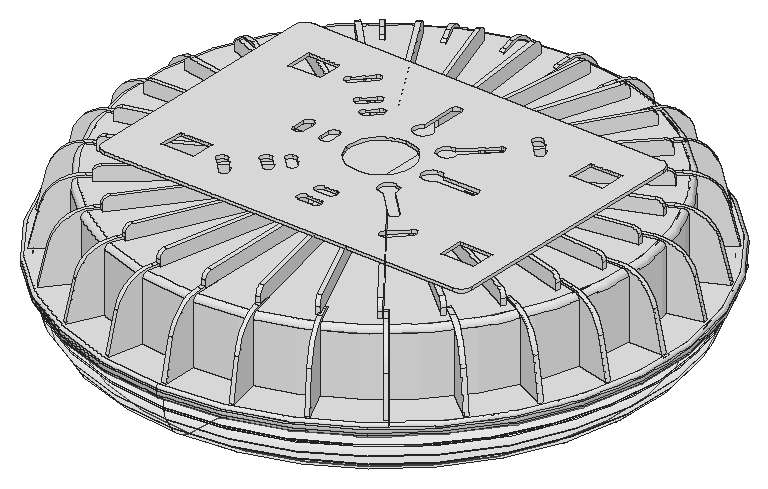
Revit family "LRC-2G", category Lighting Fixtures, Revit 2018
Family settings
  Round Connector Dimension = Use Diameter
  Part Type = Normal
  OmniClass Number = 23.80.70.00
  OmniClass Title = Lighting
  Work Plane-Based = No
  Always vertical = Yes
  Cut with Voids When Loaded = No
  Light Source = Yes
  Shared = No
  Room Calculation Point = No
Parameters (values of type "LRC-2G 30LED")
  voltage = 277 V
  mounting [instance] = mount height - 62 mm  # 1438 mm
  mount height = 1500 mm
  frosted lens = frosted lens
  cast profile = cast profile
  Wattage = 30 W
  built-in parameter 1150110 = 1 (stored number, unit not read)
  built-in parameter 1114217 = 1 (stored number, unit not read)
  Tilt Angle = 90.00°
  built-in parameter 1150109 = 1 (stored number, unit not read)
  built-in parameter 1150134 = 12
  built-in parameter 1150113 = 1 (stored number, unit not read)
  built-in parameter 1010507 = 1.5708 (stored number, unit not read)
  built-in parameter 1010506 = 0.5236 (stored number, unit not read)
  Lumens = 3600 lm
  built-in parameter 1150115 = 1 (stored number, unit not read)
  built-in parameter 1150105 = 12036.8 (stored number, unit not read)
  Light Source Symbol Length = 609 mm
  built-in parameter 1150137 = (empty or 0)
  built-in parameter 1150139 = (empty or 0)
  built-in parameter 1150112 = 1 (stored number, unit not read)
  built-in parameter 1150114 = 1 (stored number, unit not read)
  built-in parameter 1150132 = (empty or 0)
  built-in parameter 1150102 = (empty or 0)
  built-in parameter 1150138 = (empty or 0)
  built-in parameter 1150107 = 4000 (stored number, unit not read)
  built-in parameter 1150106 = 120.37 (stored number, unit not read)
  built-in parameter 1150104 = 11.148 (stored number, unit not read)
  Dimming Lamp Color Temperature Shift = <None>
  Color Filter = 16777215
  built-in parameter 1114218 = 1 (stored number, unit not read)
  built-in parameter 1150133 = 10 (stored number, unit not read)
  Apparent Load = 30 VA
Types (4, lengths in mm): name | Wattage | built-in parameter 1150134 | Lumens | built-in parameter 1150105 | Light Source Symbol Length | built-in parameter 1150107 | built-in parameter 1150106 | built-in parameter 1150104 | Apparent Load
  (no name) | 30 W | 12 | 3600 lm | 12036.8 (stored number, unit not read) | 609 | 4000 (stored number, unit not read) | 120.37 (stored number, unit not read) | 11.148 (stored number, unit not read) | 30 VA
  LRC-2G 30LED | 30 W | 12 | 3600 lm | 12036.8 (stored number, unit not read) | 609 | 4000 (stored number, unit not read) | 120.37 (stored number, unit not read) | 11.148 (stored number, unit not read) | 30 VA
  LRC-2G 45LED | 45 W | 2 | 4995 lm | 16701.1 (stored number, unit not read) | 3048 | 5000 (stored number, unit not read) | 167.01 (stored number, unit not read) | 10.312 (stored number, unit not read) | 45 VA
  LRC-2G 60LED | 60 W | 5 | 7080 lm | 23672.5 (stored number, unit not read) | 3048 | 6000 (stored number, unit not read) | 236.72 (stored number, unit not read) | 10.963 (stored number, unit not read) | 60 VA
Reference planes
  plane 1 "Tilt Plane": y = 0
  plane 2: z = 0
  plane 3 "Light Source Axis (L/R)": x = 0
  plane 4 "Light Source Elevation": z = 1438
Text (mm)
  text "0 Tilt Angle" at (809.978, -4572, 1586.413), in view "Front"
  text "270" at (-331.585, -4572, 2488.248), in view "Front"
  text "180" at (-1130.68, -4572, 1586.413), in view "Front"
  text "90" at (-320.169, -4572, 456.265), in view "Front"
  text "0 Tilt Angle" at (1952.354, 4572, 1542.98), in view "Back"
  text "180" at (-876.627, 4572, 1524.796), in view "Back"
  text "270" at (367.014, 4572, 2698.908), in view "Back"
  text "90" at (304.215, 4572, 666.926), in view "Back"
Dimensions and locks
  "mounting": plane 4 "Light Source Elevation" to plane 2
  locked: nested 1 to plane 4 "Light Source Elevation" at 62.093
  aligned and locked: plane 1 "Tilt Plane" to imposter light
  aligned and locked: plane 4 "Light Source Elevation" to imposter light
  aligned and locked: plane 2 to level
Nested families
  nested 1: "LRC11" at (0, 0, 1192.83) x (0, 1, 0) z (0, 0, 1), type "LRC11"
Connectors
  electrical at (-0.54, 0.027, 1500.093), driven by "Apparent Load", driven by "voltage"
    settings: on nested 1, index 1, voltage 277 V, apparent load 0 VA, apparent load phase1 30 VA, apparent load phase2 0 VA, apparent load phase3 0 VA, power factor 1, load classification "Other", number of poles 1, system type 31, power factor state 1, is connector primary yes, connector utility no, sub classification motor no, connector description ""
Definition of nested family "LRC11"
  Parameters (values of type "LRC11")
    frosted lens = none
    cast profile = none
  Reference planes
    plane 1 "Center (Front/Back)": y = 0
    plane 2: z = 0
    plane 3 "Center (Left/Right)": x = 0
  Forms (mm)
    Extrusion 1, solid, material <- "cast profile"
      sketch origin (0, 0, 0) x (1, 0, 0) y (0, 1, 0)
        loop
          arc (-58.819, 90.853) -> (-62.354, 89.388) -> (-63.819, 85.853) r 5
          line (-63.819, 85.853) -> (-63.819, -84.772)
          arc (-63.819, -84.772) -> (-62.354, -88.308) -> (-58.819, -89.772) r 5
          line (-58.819, -89.772) -> (58.873, -89.772)
          arc (58.873, -89.772) -> (62.409, -88.308) -> (63.873, -84.772) r 5
          line (63.873, -84.772) -> (63.873, 85.853)
          arc (63.873, 85.853) -> (62.409, 89.388) -> (58.873, 90.853) r 5
          line (58.873, 90.853) -> (-58.819, 90.853)
        loop
          circle (-0.564, 1.136) r 15
        loop
          line (32.565, 73.104) -> (32.565, 57.309) -> (45.144, 57.309) -> (45.144, 73.104) -> (32.565, 73.104)
        loop
          line (-34.008, 72.635) -> (-45.795, 72.635) -> (-45.795, 56.596) -> (-34.008, 56.596) -> (-34.008, 72.635)
        loop
          arc (-19.403, -21.349) -> (-15.272, -13.683) -> (-22.938, -17.813) r 4.545
          line (-22.938, -17.813) -> (-35.009, -29.884)
          arc (-35.009, -29.884) -> (-34.493, -32.904) -> (-31.474, -33.42) r 2.651
          line (-31.474, -33.42) -> (-19.403, -21.349)
        loop
          arc (1.936, -27.67) -> (-0.564, -19.329) -> (-3.064, -27.67) r 4.545
          line (-3.064, -27.67) -> (-3.064, -44.741)
          arc (-3.064, -44.741) -> (-0.564, -46.511) -> (1.936, -44.741) r 2.651
          line (1.936, -44.741) -> (1.936, -27.67)
        loop
          line (18.275, -21.349) -> (30.346, -33.42)
          arc (30.346, -33.42) -> (33.365, -32.904) -> (33.882, -29.884) r 2.651
          line (33.882, -29.884) -> (21.811, -17.813)
          arc (21.811, -17.813) -> (14.144, -13.683) -> (18.275, -21.349) r 4.545
        loop
          line (44.409, -36.632) -> (36.943, -43.594)
          arc (36.943, -43.594) -> (37.003, -47.069) -> (40.478, -47.13) r 2.502
          line (40.478, -47.13) -> (47.944, -40.167)
          arc (47.944, -40.167) -> (47.884, -36.692) -> (44.409, -36.632) r 2.502
        loop
          arc (-45.536, -36.632) -> (-49.011, -36.692) -> (-49.072, -40.167) r 2.502
          line (-49.072, -40.167) -> (-41.606, -47.13)
          arc (-41.606, -47.13) -> (-38.131, -47.069) -> (-38.07, -43.594) r 2.502
          line (-38.07, -43.594) -> (-45.536, -36.632)
        loop
          arc (44.409, 38.904) -> (47.884, 38.964) -> (47.944, 42.439) r 2.502
          line (47.944, 42.439) -> (40.478, 49.402)
          arc (40.478, 49.402) -> (37.003, 49.341) -> (36.943, 45.866) r 2.502
          line (36.943, 45.866) -> (44.409, 38.904)
        loop
          line (-45.536, 38.904) -> (-38.07, 45.866)
          arc (-38.07, 45.866) -> (-38.131, 49.341) -> (-41.606, 49.402) r 2.502
          line (-41.606, 49.402) -> (-49.072, 42.439)
          arc (-49.072, 42.439) -> (-49.011, 38.964) -> (-45.536, 38.904) r 2.502
        loop
          line (-32.373, 27.904) -> (-27.145, 32.78)
          arc (-27.145, 32.78) -> (-27.482, 36.192) -> (-30.894, 36.529) r 2.704
          line (-30.894, 36.529) -> (-35.821, 31.602)
          arc (-35.821, 31.602) -> (-35.946, 28.029) -> (-32.373, 27.904) r 2.528
        loop
          line (-25.535, 21.316) -> (-21.649, 25.202)
          arc (-21.649, 25.202) -> (-21.649, 28.775) -> (-25.222, 28.775) r 2.527
          line (-25.222, 28.775) -> (-29.108, 24.889)
          arc (-29.108, 24.889) -> (-29.108, 21.316) -> (-25.535, 21.316) r 2.527
        loop
          arc (31.245, 27.904) -> (34.818, 28.029) -> (34.694, 31.602) r 2.528
          line (34.694, 31.602) -> (29.767, 36.529)
          arc (29.767, 36.529) -> (26.354, 36.192) -> (26.017, 32.78) r 2.704
          line (26.017, 32.78) -> (31.245, 27.904)
        loop
          arc (24.407, 21.316) -> (27.981, 21.316) -> (27.981, 24.889) r 2.527
          line (27.981, 24.889) -> (24.094, 28.775)
          arc (24.094, 28.775) -> (20.521, 28.775) -> (20.521, 25.202) r 2.527
          line (20.521, 25.202) -> (24.407, 21.316)
        loop
          arc (-3.451, 41.616) -> (-6.178, 38.89) -> (-3.451, 36.164) r 2.726
          line (-3.451, 36.164) -> (2.186, 36.164)
          arc (2.186, 36.164) -> (4.912, 38.89) -> (2.186, 41.616) r 2.726
          line (2.186, 41.616) -> (-3.451, 41.616)
        loop
          arc (-2.826, 28.932) -> (-5.553, 26.205) -> (-2.826, 23.479) r 2.726
          line (-2.826, 23.479) -> (1.718, 23.479)
          arc (1.718, 23.479) -> (4.444, 26.205) -> (1.718, 28.932) r 2.726
          line (1.718, 28.932) -> (-2.826, 28.932)
        loop
          line (32.565, -80.832) -> (45.144, -80.832) -> (45.144, -65.037) -> (32.565, -65.037) -> (32.565, -80.832)
        loop
          line (-34.008, -80.363) -> (-34.008, -64.324) -> (-45.795, -64.324) -> (-45.795, -80.363) -> (-34.008, -80.363)
        loop
          line (28.838, -1.554) -> (45.909, -1.577)
          arc (45.909, -1.577) -> (47.682, 0.921) -> (45.915, 3.423) r 2.651
          line (45.915, 3.423) -> (28.844, 3.446)
          arc (28.844, 3.446) -> (20.5, 0.957) -> (28.838, -1.554) r 4.545
        loop
          line (-41.969, -2.445) -> (-41.72, 4.699)
          arc (-41.72, 4.699) -> (-44.371, 6.874) -> (-47.023, 4.699) r 2.704
          line (-47.023, 4.699) -> (-47.023, -2.269)
          arc (-47.023, -2.269) -> (-44.584, -4.883) -> (-41.969, -2.445) r 2.528
        loop
          line (-32.475, -2.269) -> (-32.475, 3.227)
          arc (-32.475, 3.227) -> (-35.002, 5.754) -> (-37.529, 3.227) r 2.527
          line (-37.529, 3.227) -> (-37.529, -2.269)
          arc (-37.529, -2.269) -> (-35.002, -4.795) -> (-32.475, -2.269) r 2.527
      from 305.899 to 307.263
    Revolve 2, solid, material <- "cast profile"
      sketch origin (0, 0, 0) x (1, 0, 0) y (0, 0, 1)
        loop
          line (-120.006, 267.99) -> (-138.077, 267.99)
          arc (-138.077, 267.99) -> (-139.083, 267.573) -> (-139.5, 266.567) r 1.423
          line (-139.5, 266.567) -> (-139.5, 265.642)
          arc (-139.5, 265.642) -> (-139.396, 264.696) -> (-139.091, 263.796) r 4.368
          line (-139.091, 263.796) -> (-138.376, 262.264)
          arc (-138.376, 262.264) -> (-138.107, 261.957) -> (-137.715, 261.842) r 0.729
          line (-137.715, 261.842) -> (-135.006, 261.842) -> (-135.006, 264.697) -> (0, 264.697) -> (0, 299.399) -> (-117.317, 299.399)
          arc (-117.317, 299.399) -> (-119.218, 298.611) -> (-120.006, 296.71) r 2.689
          line (-120.006, 296.71) -> (-120.006, 267.99)
        axis (0, 261.842) -> (0, 299.399)
      angle from 0 to 360
    Revolve 3, solid, material <- "frosted lens"
      sketch origin (0, 0, 0) x (1, 0, 0) y (0, 0, 1)
        loop
          line (-134.796, 264.171) -> (-134.796, 256.199) -> (-134.796, 255.33)
          arc (-134.796, 255.33) -> (-134.432, 252.658) -> (-133.368, 250.18) r 10
          line (-133.368, 250.18) -> (-130.464, 245.348)
          arc (-130.464, 245.348) -> (-125.74, 240.447) -> (-119.35, 238.102) r 15.188
          arc (-119.35, 238.102) -> (-59.792, 232.638) -> (0, 231.263) r 873.267
          line (0, 231.263) -> (0, 264.171) -> (-134.796, 264.171)
        axis (0, 231.263) -> (0, 264.171)
      angle from 0 to 360
    Extrusion 4, solid, material <- "cast profile"
      sketch origin (0, 0, 0) x (1, 0, 0) y (0, 0, 1)
        loop
          line (-136.607, 265.927) -> (-103.064, 265.927) -> (-103.064, 294.961)
          arc (-103.064, 294.961) -> (-104.477, 298.444) -> (-107.917, 299.959) r 5
          line (-107.917, 299.959) -> (-114.05, 300.139)
          arc (-114.05, 300.139) -> (-125.429, 296.444) -> (-131.887, 286.373) r 17.771
          line (-131.887, 286.373) -> (-136.607, 265.927)
      from 0 to 1.993
    Extrusion 5, solid, material <- "cast profile"
      sketch origin (0, 0, 0) x (0.974847, 0.222876, 0) y (0, 0, 1)
        loop
          line (-136.607, 265.927) -> (-103.064, 265.927) -> (-103.064, 294.961)
          arc (-103.064, 294.961) -> (-104.477, 298.444) -> (-107.917, 299.959) r 5
          line (-107.917, 299.959) -> (-114.05, 300.139)
          arc (-114.05, 300.139) -> (-125.429, 296.444) -> (-131.887, 286.373) r 17.771
          line (-131.887, 286.373) -> (-136.607, 265.927)
      from 0 to 1.993
    Extrusion 6, solid, material <- "cast profile"
      sketch origin (0, 0, 0) x (0.974931, -0.222508, 0) y (0, 0, 1)
        loop
          line (-136.607, 265.927) -> (-103.064, 265.927) -> (-103.064, 294.961)
          arc (-103.064, 294.961) -> (-104.477, 298.444) -> (-107.917, 299.959) r 5
          line (-107.917, 299.959) -> (-114.05, 300.139)
          arc (-114.05, 300.139) -> (-125.429, 296.444) -> (-131.887, 286.373) r 17.771
          line (-131.887, 286.373) -> (-136.607, 265.927)
      from 0 to 1.993
    Extrusion 7, solid, material <- "cast profile"
      sketch origin (0, 0, 0) x (0.900981, -0.433859, 0) y (0, 0, 1)
        loop
          line (-136.607, 265.927) -> (-103.064, 265.927) -> (-103.064, 294.961)
          arc (-103.064, 294.961) -> (-104.477, 298.444) -> (-107.917, 299.959) r 5
          line (-107.917, 299.959) -> (-114.05, 300.139)
          arc (-114.05, 300.139) -> (-125.429, 296.444) -> (-131.887, 286.373) r 17.771
          line (-131.887, 286.373) -> (-136.607, 265.927)
      from 0 to 1.993
    Extrusion 8, solid, material <- "cast profile"
      sketch origin (0, 0, 0) x (0.781857, -0.623458, 0) y (0, 0, 1)
        loop
          line (-136.607, 265.927) -> (-103.064, 265.927) -> (-103.064, 294.961)
          arc (-103.064, 294.961) -> (-104.477, 298.444) -> (-107.917, 299.959) r 5
          line (-107.917, 299.959) -> (-114.05, 300.139)
          arc (-114.05, 300.139) -> (-125.429, 296.444) -> (-131.887, 286.373) r 17.771
          line (-131.887, 286.373) -> (-136.607, 265.927)
      from 0 to 1.993
    Extrusion 9, solid, material <- "cast profile"
      sketch origin (0, 0, 0) x (0.623532, -0.781798, 0) y (0, 0, 1)
        loop
          line (-136.607, 265.927) -> (-103.064, 265.927) -> (-103.064, 294.961)
          arc (-103.064, 294.961) -> (-104.477, 298.444) -> (-107.917, 299.959) r 5
          line (-107.917, 299.959) -> (-114.05, 300.139)
          arc (-114.05, 300.139) -> (-125.429, 296.444) -> (-131.887, 286.373) r 17.771
          line (-131.887, 286.373) -> (-136.607, 265.927)
      from 0 to 1.993
    Extrusion 10, solid, material <- "cast profile"
      sketch origin (0, 0, 0) x (0.433944, -0.90094, 0) y (0, 0, 1)
        loop
          line (-136.607, 265.927) -> (-103.064, 265.927) -> (-103.064, 294.961)
          arc (-103.064, 294.961) -> (-104.477, 298.444) -> (-107.917, 299.959) r 5
          line (-107.917, 299.959) -> (-114.05, 300.139)
          arc (-114.05, 300.139) -> (-125.429, 296.444) -> (-131.887, 286.373) r 17.771
          line (-131.887, 286.373) -> (-136.607, 265.927)
      from 0 to 1.993
    Extrusion 11, solid, material <- "cast profile"
      sketch origin (0, 0, 0) x (0.2226, -0.97491, 0) y (0, 0, 1)
        loop
          line (-136.607, 265.927) -> (-103.064, 265.927) -> (-103.064, 294.961)
          arc (-103.064, 294.961) -> (-104.477, 298.444) -> (-107.917, 299.959) r 5
          line (-107.917, 299.959) -> (-114.05, 300.139)
          arc (-114.05, 300.139) -> (-125.429, 296.444) -> (-131.887, 286.373) r 17.771
          line (-131.887, 286.373) -> (-136.607, 265.927)
      from 0 to 1.993
    Extrusion 12, solid, material <- "cast profile"
      sketch origin (0, 0, 0) x (0.000094, -1, 0) y (0, 0, 1)
        loop
          line (-136.607, 265.927) -> (-103.064, 265.927) -> (-103.064, 294.961)
          arc (-103.064, 294.961) -> (-104.477, 298.444) -> (-107.917, 299.959) r 5
          line (-107.917, 299.959) -> (-114.05, 300.139)
          arc (-114.05, 300.139) -> (-125.429, 296.444) -> (-131.887, 286.373) r 17.771
          line (-131.887, 286.373) -> (-136.607, 265.927)
      from 0 to 1.993
    Extrusion 13, solid, material <- "cast profile"
      sketch origin (0, 0, 0) x (-0.222416, -0.974952, 0) y (0, 0, 1)
        loop
          line (-136.607, 265.927) -> (-103.064, 265.927) -> (-103.064, 294.961)
          arc (-103.064, 294.961) -> (-104.477, 298.444) -> (-107.917, 299.959) r 5
          line (-107.917, 299.959) -> (-114.05, 300.139)
          arc (-114.05, 300.139) -> (-125.429, 296.444) -> (-131.887, 286.373) r 17.771
          line (-131.887, 286.373) -> (-136.607, 265.927)
      from 0 to 1.993
    Extrusion 14, solid, material <- "cast profile"
      sketch origin (0, 0, 0) x (-0.433774, -0.901022, 0) y (0, 0, 1)
        loop
          line (-136.607, 265.927) -> (-103.064, 265.927) -> (-103.064, 294.961)
          arc (-103.064, 294.961) -> (-104.477, 298.444) -> (-107.917, 299.959) r 5
          line (-107.917, 299.959) -> (-114.05, 300.139)
          arc (-114.05, 300.139) -> (-125.429, 296.444) -> (-131.887, 286.373) r 17.771
          line (-131.887, 286.373) -> (-136.607, 265.927)
      from 0 to 1.993
    Extrusion 15, solid, material <- "cast profile"
      sketch origin (0, 0, 0) x (-0.623384, -0.781916, 0) y (0, 0, 1)
        loop
          line (-136.607, 265.927) -> (-103.064, 265.927) -> (-103.064, 294.961)
          arc (-103.064, 294.961) -> (-104.477, 298.444) -> (-107.917, 299.959) r 5
          line (-107.917, 299.959) -> (-114.05, 300.139)
          arc (-114.05, 300.139) -> (-125.429, 296.444) -> (-131.887, 286.373) r 17.771
          line (-131.887, 286.373) -> (-136.607, 265.927)
      from 0 to 1.993
    Extrusion 16, solid, material <- "cast profile"
      sketch origin (0, 0, 0) x (-0.781739, -0.623606, 0) y (0, 0, 1)
        loop
          line (-136.607, 265.927) -> (-103.064, 265.927) -> (-103.064, 294.961)
          arc (-103.064, 294.961) -> (-104.477, 298.444) -> (-107.917, 299.959) r 5
          line (-107.917, 299.959) -> (-114.05, 300.139)
          arc (-114.05, 300.139) -> (-125.429, 296.444) -> (-131.887, 286.373) r 17.771
          line (-131.887, 286.373) -> (-136.607, 265.927)
      from 0 to 1.993
    Extrusion 17, solid, material <- "cast profile"
      sketch origin (0, 0, 0) x (-0.900899, -0.43403, 0) y (0, 0, 1)
        loop
          line (-136.607, 265.927) -> (-103.064, 265.927) -> (-103.064, 294.961)
          arc (-103.064, 294.961) -> (-104.477, 298.444) -> (-107.917, 299.959) r 5
          line (-107.917, 299.959) -> (-114.05, 300.139)
          arc (-114.05, 300.139) -> (-125.429, 296.444) -> (-131.887, 286.373) r 17.771
          line (-131.887, 286.373) -> (-136.607, 265.927)
      from 0 to 1.993
    Extrusion 18, solid, material <- "cast profile"
      sketch origin (0, 0, 0) x (-0.974889, -0.222692, 0) y (0, 0, 1)
        loop
          line (-136.607, 265.927) -> (-103.064, 265.927) -> (-103.064, 294.961)
          arc (-103.064, 294.961) -> (-104.477, 298.444) -> (-107.917, 299.959) r 5
          line (-107.917, 299.959) -> (-114.05, 300.139)
          arc (-114.05, 300.139) -> (-125.429, 296.444) -> (-131.887, 286.373) r 17.771
          line (-131.887, 286.373) -> (-136.607, 265.927)
      from 0 to 1.993
    Extrusion 19, solid, material <- "cast profile"
      sketch origin (0, 0, 0) x (-1, -0.000189, 0) y (0, 0, 1)
        loop
          line (-136.607, 265.927) -> (-103.064, 265.927) -> (-103.064, 294.961)
          arc (-103.064, 294.961) -> (-104.477, 298.444) -> (-107.917, 299.959) r 5
          line (-107.917, 299.959) -> (-114.05, 300.139)
          arc (-114.05, 300.139) -> (-125.429, 296.444) -> (-131.887, 286.373) r 17.771
          line (-131.887, 286.373) -> (-136.607, 265.927)
      from 0 to 1.993
    Extrusion 20, solid, material <- "cast profile"
      sketch origin (0, 0, 0) x (-0.974973, 0.222324, 0) y (0, 0, 1)
        loop
          line (-136.607, 265.927) -> (-103.064, 265.927) -> (-103.064, 294.961)
          arc (-103.064, 294.961) -> (-104.477, 298.444) -> (-107.917, 299.959) r 5
          line (-107.917, 299.959) -> (-114.05, 300.139)
          arc (-114.05, 300.139) -> (-125.429, 296.444) -> (-131.887, 286.373) r 17.771
          line (-131.887, 286.373) -> (-136.607, 265.927)
      from 0 to 1.993
    Extrusion 21, solid, material <- "cast profile"
      sketch origin (0, 0, 0) x (-0.901062, 0.433689, 0) y (0, 0, 1)
        loop
          line (-136.607, 265.927) -> (-103.064, 265.927) -> (-103.064, 294.961)
          arc (-103.064, 294.961) -> (-104.477, 298.444) -> (-107.917, 299.959) r 5
          line (-107.917, 299.959) -> (-114.05, 300.139)
          arc (-114.05, 300.139) -> (-125.429, 296.444) -> (-131.887, 286.373) r 17.771
          line (-131.887, 286.373) -> (-136.607, 265.927)
      from 0 to 1.993
    Extrusion 22, solid, material <- "cast profile"
      sketch origin (0, 0, 0) x (-0.781974, 0.623311, 0) y (0, 0, 1)
        loop
          line (-136.607, 265.927) -> (-103.064, 265.927) -> (-103.064, 294.961)
          arc (-103.064, 294.961) -> (-104.477, 298.444) -> (-107.917, 299.959) r 5
          line (-107.917, 299.959) -> (-114.05, 300.139)
          arc (-114.05, 300.139) -> (-125.429, 296.444) -> (-131.887, 286.373) r 17.771
          line (-131.887, 286.373) -> (-136.607, 265.927)
      from 0 to 1.993
    Extrusion 23, solid, material <- "cast profile"
      sketch origin (0, 0, 0) x (-0.62368, 0.78168, 0) y (0, 0, 1)
        loop
          line (-136.607, 265.927) -> (-103.064, 265.927) -> (-103.064, 294.961)
          arc (-103.064, 294.961) -> (-104.477, 298.444) -> (-107.917, 299.959) r 5
          line (-107.917, 299.959) -> (-114.05, 300.139)
          arc (-114.05, 300.139) -> (-125.429, 296.444) -> (-131.887, 286.373) r 17.771
          line (-131.887, 286.373) -> (-136.607, 265.927)
      from 0 to 1.993
    Extrusion 24, solid, material <- "cast profile"
      sketch origin (0, 0, 0) x (-0.434115, 0.900858, 0) y (0, 0, 1)
        loop
          line (-136.607, 265.927) -> (-103.064, 265.927) -> (-103.064, 294.961)
          arc (-103.064, 294.961) -> (-104.477, 298.444) -> (-107.917, 299.959) r 5
          line (-107.917, 299.959) -> (-114.05, 300.139)
          arc (-114.05, 300.139) -> (-125.429, 296.444) -> (-131.887, 286.373) r 17.771
          line (-131.887, 286.373) -> (-136.607, 265.927)
      from 0 to 1.993
    Extrusion 25, solid, material <- "cast profile"
      sketch origin (0, 0, 0) x (-0.222784, 0.974868, 0) y (0, 0, 1)
        loop
          line (-136.607, 265.927) -> (-103.064, 265.927) -> (-103.064, 294.961)
          arc (-103.064, 294.961) -> (-104.477, 298.444) -> (-107.917, 299.959) r 5
          line (-107.917, 299.959) -> (-114.05, 300.139)
          arc (-114.05, 300.139) -> (-125.429, 296.444) -> (-131.887, 286.373) r 17.771
          line (-131.887, 286.373) -> (-136.607, 265.927)
      from 0 to 1.993
    Extrusion 26, solid, material <- "cast profile"
      sketch origin (0, 0, 0) x (-0.000283, 1, 0) y (0, 0, 1)
        loop
          line (-136.607, 265.927) -> (-103.064, 265.927) -> (-103.064, 294.961)
          arc (-103.064, 294.961) -> (-104.477, 298.444) -> (-107.917, 299.959) r 5
          line (-107.917, 299.959) -> (-114.05, 300.139)
          arc (-114.05, 300.139) -> (-125.429, 296.444) -> (-131.887, 286.373) r 17.771
          line (-131.887, 286.373) -> (-136.607, 265.927)
      from 0 to 1.993
    Extrusion 27, solid, material <- "cast profile"
      sketch origin (0, 0, 0) x (0.222232, 0.974994, 0) y (0, 0, 1)
        loop
          line (-136.607, 265.927) -> (-103.064, 265.927) -> (-103.064, 294.961)
          arc (-103.064, 294.961) -> (-104.477, 298.444) -> (-107.917, 299.959) r 5
          line (-107.917, 299.959) -> (-114.05, 300.139)
          arc (-114.05, 300.139) -> (-125.429, 296.444) -> (-131.887, 286.373) r 17.771
          line (-131.887, 286.373) -> (-136.607, 265.927)
      from 0 to 1.993
    Extrusion 28, solid, material <- "cast profile"
      sketch origin (0, 0, 0) x (0.433604, 0.901103, 0) y (0, 0, 1)
        loop
          line (-136.607, 265.927) -> (-103.064, 265.927) -> (-103.064, 294.961)
          arc (-103.064, 294.961) -> (-104.477, 298.444) -> (-107.917, 299.959) r 5
          line (-107.917, 299.959) -> (-114.05, 300.139)
          arc (-114.05, 300.139) -> (-125.429, 296.444) -> (-131.887, 286.373) r 17.771
          line (-131.887, 286.373) -> (-136.607, 265.927)
      from 0 to 1.993
    Extrusion 29, solid, material <- "cast profile"
      sketch origin (0, 0, 0) x (0.623237, 0.782033, 0) y (0, 0, 1)
        loop
          line (-136.607, 265.927) -> (-103.064, 265.927) -> (-103.064, 294.961)
          arc (-103.064, 294.961) -> (-104.477, 298.444) -> (-107.917, 299.959) r 5
          line (-107.917, 299.959) -> (-114.05, 300.139)
          arc (-114.05, 300.139) -> (-125.429, 296.444) -> (-131.887, 286.373) r 17.771
          line (-131.887, 286.373) -> (-136.607, 265.927)
      from 0 to 1.993
    Extrusion 30, solid, material <- "cast profile"
      sketch origin (0, 0, 0) x (0.781621, 0.623753, 0) y (0, 0, 1)
        loop
          line (-136.607, 265.927) -> (-103.064, 265.927) -> (-103.064, 294.961)
          arc (-103.064, 294.961) -> (-104.477, 298.444) -> (-107.917, 299.959) r 5
          line (-107.917, 299.959) -> (-114.05, 300.139)
          arc (-114.05, 300.139) -> (-125.429, 296.444) -> (-131.887, 286.373) r 17.771
          line (-131.887, 286.373) -> (-136.607, 265.927)
      from 0 to 1.993
    Extrusion 31, solid, material <- "cast profile"
      sketch origin (0, 0, 0) x (0.900817, 0.4342, 0) y (0, 0, 1)
        loop
          line (-136.607, 265.927) -> (-103.064, 265.927) -> (-103.064, 294.961)
          arc (-103.064, 294.961) -> (-104.477, 298.444) -> (-107.917, 299.959) r 5
          line (-107.917, 299.959) -> (-114.05, 300.139)
          arc (-114.05, 300.139) -> (-125.429, 296.444) -> (-131.887, 286.373) r 17.771
          line (-131.887, 286.373) -> (-136.607, 265.927)
      from 0 to 1.993
    Extrusion 32, solid, material <- "cast profile"
      sketch origin (0, 0, 0) x (1, 0, 0) y (0, 0, 1)
        loop
          line (-39.259, 299.15) -> (-39.259, 305.899) -> (-108.213, 305.899)
          arc (-108.213, 305.899) -> (-110.695, 304.871) -> (-111.724, 302.389) r 3.511
          line (-111.724, 302.389) -> (-111.724, 299.15) -> (-39.259, 299.15)
      from 0 to 1.993
    Extrusion 33, solid, material <- "cast profile"
      sketch origin (0, 0, 0) x (0.975924, 0.218111, 0) y (0, 0, 1)
        loop
          line (-39.259, 299.15) -> (-39.259, 305.899) -> (-108.213, 305.899)
          arc (-108.213, 305.899) -> (-110.695, 304.871) -> (-111.724, 302.389) r 3.511
          line (-111.724, 302.389) -> (-111.724, 299.15) -> (-39.259, 299.15)
      from 0 to 1.993
    Extrusion 34, solid, material <- "cast profile"
      sketch origin (0, 0, 0) x (0.976645, -0.214858, 0) y (0, 0, 1)
        loop
          line (-39.259, 299.15) -> (-39.259, 305.899) -> (-108.213, 305.899)
          arc (-108.213, 305.899) -> (-110.695, 304.871) -> (-111.724, 302.389) r 3.511
          line (-111.724, 302.389) -> (-111.724, 299.15) -> (-39.259, 299.15)
      from 0 to 1.993
    Extrusion 35, solid, material <- "cast profile"
      sketch origin (0, 0, 0) x (0.907672, -0.419681, 0) y (0, 0, 1)
        loop
          line (-39.259, 299.15) -> (-39.259, 305.899) -> (-108.213, 305.899)
          arc (-108.213, 305.899) -> (-110.695, 304.871) -> (-111.724, 302.389) r 3.511
          line (-111.724, 302.389) -> (-111.724, 299.15) -> (-39.259, 299.15)
      from 0 to 1.993
    Extrusion 36, solid, material <- "cast profile"
      sketch origin (0, 0, 0) x (0.796302, -0.6049, 0) y (0, 0, 1)
        loop
          line (-39.259, 299.15) -> (-39.259, 305.899) -> (-108.213, 305.899)
          arc (-108.213, 305.899) -> (-110.695, 304.871) -> (-111.724, 302.389) r 3.511
          line (-111.724, 302.389) -> (-111.724, 299.15) -> (-39.259, 299.15)
      from 0 to 1.993
    Extrusion 37, solid, material <- "cast profile"
      sketch origin (0, 0, 0) x (0.647737, -0.761864, 0) y (0, 0, 1)
        loop
          line (-39.259, 299.15) -> (-39.259, 305.899) -> (-108.213, 305.899)
          arc (-108.213, 305.899) -> (-110.695, 304.871) -> (-111.724, 302.389) r 3.511
          line (-111.724, 302.389) -> (-111.724, 299.15) -> (-39.259, 299.15)
      from 0 to 1.993
    Extrusion 38, solid, material <- "cast profile"
      sketch origin (0, 0, 0) x (0.468916, -0.883243, 0) y (0, 0, 1)
        loop
          line (-39.259, 299.15) -> (-39.259, 305.899) -> (-108.213, 305.899)
          arc (-108.213, 305.899) -> (-110.695, 304.871) -> (-111.724, 302.389) r 3.511
          line (-111.724, 302.389) -> (-111.724, 299.15) -> (-39.259, 299.15)
      from 0 to 1.993
    Extrusion 39, solid, material <- "cast profile"
      sketch origin (0, 0, 0) x (0.268193, -0.963365, 0) y (0, 0, 1)
        loop
          line (-39.259, 299.15) -> (-39.259, 305.899) -> (-108.213, 305.899)
          arc (-108.213, 305.899) -> (-110.695, 304.871) -> (-111.724, 302.389) r 3.511
          line (-111.724, 302.389) -> (-111.724, 299.15) -> (-39.259, 299.15)
      from 0 to 1.993
    Extrusion 40, solid, material <- "cast profile"
      sketch origin (0, 0, 0) x (0.054942, -0.99849, 0) y (0, 0, 1)
        loop
          line (-39.259, 299.15) -> (-39.259, 305.899) -> (-108.213, 305.899)
          arc (-108.213, 305.899) -> (-110.695, 304.871) -> (-111.724, 302.389) r 3.511
          line (-111.724, 302.389) -> (-111.724, 299.15) -> (-39.259, 299.15)
      from 0 to 1.993
    Extrusion 41, solid, material <- "cast profile"
      sketch origin (0, 0, 0) x (-0.160875, -0.986975, 0) y (0, 0, 1)
        loop
          line (-39.259, 299.15) -> (-39.259, 305.899) -> (-108.213, 305.899)
          arc (-108.213, 305.899) -> (-110.695, 304.871) -> (-111.724, 302.389) r 3.511
          line (-111.724, 302.389) -> (-111.724, 299.15) -> (-39.259, 299.15)
      from 0 to 1.993
    Extrusion 42, solid, material <- "cast profile"
      sketch origin (0, 0, 0) x (-0.369177, -0.929359, 0) y (0, 0, 1)
        loop
          line (-39.259, 299.15) -> (-39.259, 305.899) -> (-108.213, 305.899)
          arc (-108.213, 305.899) -> (-110.695, 304.871) -> (-111.724, 302.389) r 3.511
          line (-111.724, 302.389) -> (-111.724, 299.15) -> (-39.259, 299.15)
      from 0 to 1.993
    Extrusion 43, solid, material <- "cast profile"
      sketch origin (0, 0, 0) x (-0.560236, -0.828333, 0) y (0, 0, 1)
        loop
          line (-39.259, 299.15) -> (-39.259, 305.899) -> (-108.213, 305.899)
          arc (-108.213, 305.899) -> (-110.695, 304.871) -> (-111.724, 302.389) r 3.511
          line (-111.724, 302.389) -> (-111.724, 299.15) -> (-39.259, 299.15)
      from 0 to 1.993
    Extrusion 44, solid, material <- "cast profile"
      sketch origin (0, 0, 0) x (-0.725126, -0.688616, 0) y (0, 0, 1)
        loop
          line (-39.259, 299.15) -> (-39.259, 305.899) -> (-108.213, 305.899)
          arc (-108.213, 305.899) -> (-110.695, 304.871) -> (-111.724, 302.389) r 3.511
          line (-111.724, 302.389) -> (-111.724, 299.15) -> (-39.259, 299.15)
      from 0 to 1.993
    Extrusion 45, solid, material <- "cast profile"
      sketch origin (0, 0, 0) x (-0.856146, -0.516735, 0) y (0, 0, 1)
        loop
          line (-39.259, 299.15) -> (-39.259, 305.899) -> (-108.213, 305.899)
          arc (-108.213, 305.899) -> (-110.695, 304.871) -> (-111.724, 302.389) r 3.511
          line (-111.724, 302.389) -> (-111.724, 299.15) -> (-39.259, 299.15)
      from 0 to 1.993
    Extrusion 46, solid, material <- "cast profile"
      sketch origin (0, 0, 0) x (-0.947175, -0.320717, 0) y (0, 0, 1)
        loop
          line (-39.259, 299.15) -> (-39.259, 305.899) -> (-108.213, 305.899)
          arc (-108.213, 305.899) -> (-110.695, 304.871) -> (-111.724, 302.389) r 3.511
          line (-111.724, 302.389) -> (-111.724, 299.15) -> (-39.259, 299.15)
      from 0 to 1.993
    Extrusion 47, solid, material <- "cast profile"
      sketch origin (0, 0, 0) x (-0.993963, -0.109718, 0) y (0, 0, 1)
        loop
          line (-39.259, 299.15) -> (-39.259, 305.899) -> (-108.213, 305.899)
          arc (-108.213, 305.899) -> (-110.695, 304.871) -> (-111.724, 302.389) r 3.511
          line (-111.724, 302.389) -> (-111.724, 299.15) -> (-39.259, 299.15)
      from 0 to 1.993
    Extrusion 48, solid, material <- "cast profile"
      sketch origin (0, 0, 0) x (-0.994323, 0.106405, 0) y (0, 0, 1)
        loop
          line (-39.259, 299.15) -> (-39.259, 305.899) -> (-108.213, 305.899)
          arc (-108.213, 305.899) -> (-110.695, 304.871) -> (-111.724, 302.389) r 3.511
          line (-111.724, 302.389) -> (-111.724, 299.15) -> (-39.259, 299.15)
      from 0 to 1.993
    Extrusion 49, solid, material <- "cast profile"
      sketch origin (0, 0, 0) x (-0.948239, 0.317559, 0) y (0, 0, 1)
        loop
          line (-39.259, 299.15) -> (-39.259, 305.899) -> (-108.213, 305.899)
          arc (-108.213, 305.899) -> (-110.695, 304.871) -> (-111.724, 302.389) r 3.511
          line (-111.724, 302.389) -> (-111.724, 299.15) -> (-39.259, 299.15)
      from 0 to 1.993
    Extrusion 50, solid, material <- "cast profile"
      sketch origin (0, 0, 0) x (-0.857863, 0.513879, 0) y (0, 0, 1)
        loop
          line (-39.259, 299.15) -> (-39.259, 305.899) -> (-108.213, 305.899)
          arc (-108.213, 305.899) -> (-110.695, 304.871) -> (-111.724, 302.389) r 3.511
          line (-111.724, 302.389) -> (-111.724, 299.15) -> (-39.259, 299.15)
      from 0 to 1.993
    Extrusion 51, solid, material <- "cast profile"
      sketch origin (0, 0, 0) x (-0.727416, 0.686196, 0) y (0, 0, 1)
        loop
          line (-39.259, 299.15) -> (-39.259, 305.899) -> (-108.213, 305.899)
          arc (-108.213, 305.899) -> (-110.695, 304.871) -> (-111.724, 302.389) r 3.511
          line (-111.724, 302.389) -> (-111.724, 299.15) -> (-39.259, 299.15)
      from 0 to 1.993
    Extrusion 52, solid, material <- "cast profile"
      sketch origin (0, 0, 0) x (-0.562993, 0.826462, 0) y (0, 0, 1)
        loop
          line (-39.259, 299.15) -> (-39.259, 305.899) -> (-108.213, 305.899)
          arc (-108.213, 305.899) -> (-110.695, 304.871) -> (-111.724, 302.389) r 3.511
          line (-111.724, 302.389) -> (-111.724, 299.15) -> (-39.259, 299.15)
      from 0 to 1.993
    Extrusion 53, solid, material <- "cast profile"
      sketch origin (0, 0, 0) x (-0.372272, 0.928124, 0) y (0, 0, 1)
        loop
          line (-39.259, 299.15) -> (-39.259, 305.899) -> (-108.213, 305.899)
          arc (-108.213, 305.899) -> (-110.695, 304.871) -> (-111.724, 302.389) r 3.511
          line (-111.724, 302.389) -> (-111.724, 299.15) -> (-39.259, 299.15)
      from 0 to 1.993
    Extrusion 54, solid, material <- "cast profile"
      sketch origin (0, 0, 0) x (-0.164163, 0.986433, 0) y (0, 0, 1)
        loop
          line (-39.259, 299.15) -> (-39.259, 305.899) -> (-108.213, 305.899)
          arc (-108.213, 305.899) -> (-110.695, 304.871) -> (-111.724, 302.389) r 3.511
          line (-111.724, 302.389) -> (-111.724, 299.15) -> (-39.259, 299.15)
      from 0 to 1.993
    Extrusion 55, solid, material <- "cast profile"
      sketch origin (0, 0, 0) x (0.051615, 0.998667, 0) y (0, 0, 1)
        loop
          line (-39.259, 299.15) -> (-39.259, 305.899) -> (-108.213, 305.899)
          arc (-108.213, 305.899) -> (-110.695, 304.871) -> (-111.724, 302.389) r 3.511
          line (-111.724, 302.389) -> (-111.724, 299.15) -> (-39.259, 299.15)
      from 0 to 1.993
    Extrusion 56, solid, material <- "cast profile"
      sketch origin (0, 0, 0) x (0.264981, 0.964254, 0) y (0, 0, 1)
        loop
          line (-39.259, 299.15) -> (-39.259, 305.899) -> (-108.213, 305.899)
          arc (-108.213, 305.899) -> (-110.695, 304.871) -> (-111.724, 302.389) r 3.511
          line (-111.724, 302.389) -> (-111.724, 299.15) -> (-39.259, 299.15)
      from 0 to 1.993
    Extrusion 57, solid, material <- "cast profile"
      sketch origin (0, 0, 0) x (0.46597, 0.8848, 0) y (0, 0, 1)
        loop
          line (-39.259, 299.15) -> (-39.259, 305.899) -> (-108.213, 305.899)
          arc (-108.213, 305.899) -> (-110.695, 304.871) -> (-111.724, 302.389) r 3.511
          line (-111.724, 302.389) -> (-111.724, 299.15) -> (-39.259, 299.15)
      from 0 to 1.993
    Extrusion 58, solid, material <- "cast profile"
      sketch origin (0, 0, 0) x (0.645194, 0.764019, 0) y (0, 0, 1)
        loop
          line (-39.259, 299.15) -> (-39.259, 305.899) -> (-108.213, 305.899)
          arc (-108.213, 305.899) -> (-110.695, 304.871) -> (-111.724, 302.389) r 3.511
          line (-111.724, 302.389) -> (-111.724, 299.15) -> (-39.259, 299.15)
      from 0 to 1.993
    Extrusion 59, solid, material <- "cast profile"
      sketch origin (0, 0, 0) x (0.794282, 0.60755, 0) y (0, 0, 1)
        loop
          line (-39.259, 299.15) -> (-39.259, 305.899) -> (-108.213, 305.899)
          arc (-108.213, 305.899) -> (-110.695, 304.871) -> (-111.724, 302.389) r 3.511
          line (-111.724, 302.389) -> (-111.724, 299.15) -> (-39.259, 299.15)
      from 0 to 1.993
    Extrusion 60, solid, material <- "cast profile"
      sketch origin (0, 0, 0) x (0.906268, 0.422703, 0) y (0, 0, 1)
        loop
          line (-39.259, 299.15) -> (-39.259, 305.899) -> (-108.213, 305.899)
          arc (-108.213, 305.899) -> (-110.695, 304.871) -> (-111.724, 302.389) r 3.511
          line (-111.724, 302.389) -> (-111.724, 299.15) -> (-39.259, 299.15)
      from 0 to 1.993
  Dimensions and locks
    aligned and locked: plane 2 to level
